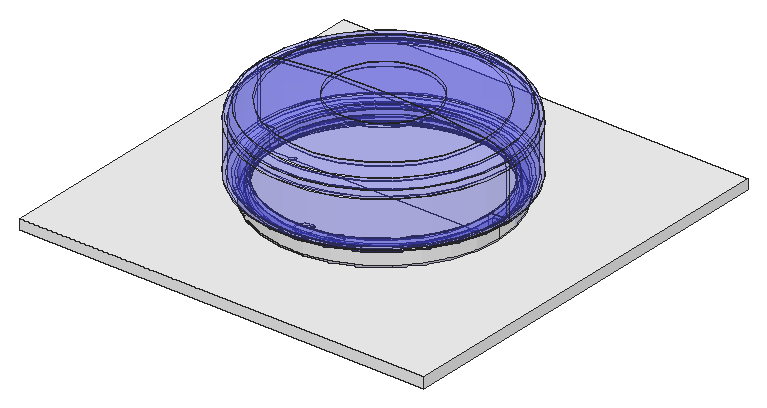
Revit family "BE_50029P_de_DE", category Leuchten, Revit 2020
Family settings
  Basisbauteil = Fläche
  Bemaßung runder Anschluss = Durchmesser verwenden
  Teiletyp = Normal
  Beim Laden mit Abzugskörper schneiden = Ja
  Lichtquelle = Ja
  Gemeinsam genutzt = Nein
  Raumberechnungspunkt = Ja
Parameters (values of type "BEGA_50029P_K3")
  built-in parameter 1150104 = 11.557 (stored number, unit not read)
  Wattage = 8.4 W
  Default Elevation = 0 mm
  built-in parameter 1150113 = 1 (stored number, unit not read)
  built-in parameter 1114218 = 1 (stored number, unit not read)
  Umgebungstemperatur = "25 °C"
  URL = "https://www.bega.com/de/produkt/50029P"
  Typenkommentare = "© 2022 BEGA. Wir behalten uns das Recht vor, technische Änderungen ohne vorherige Ankündigung vorzunehmen."  # constant formula
  built-in parameter 1150134 = (empty or 0)
  built-in parameter 1150109 = 1 (stored number, unit not read)
  Strom = ""
  built-in parameter 1150110 = 1 (stored number, unit not read)
  Spannung = 239.996 V
  Sonderanfertigung = no
  Seriennummer [instance] = "Hier können Sie die eindeutige Seriennummer für das Facility Management eintragen."
  Schutzklasse = "I"
  Schutzart = "IP 20"
  Scheinlast = 0 VA
  Produktdatenblatt = "http://www.bega.de/download/Xrfa/db/50029P.db.de.pdf"
  Oberflächentemperatur = ""
  Neigungswinkel = 0.00°
  Model = "50029PK2"
  Material_17 = BEGA_Reflektor
  Material_15 = BEGA_Leuchtmedium_matt
  Material_14 = BEGA_Kunststoff_opal
  Material_11 = BEGA_Glas_opal
  Material_09 = BEGA_Glas_klar
  Material_06 = BEGA_Oberfläche_Edelstahl_gebürstet
  Material_03 = BEGA_Oberfläche_Weiss_matt
  Material_02 = BEGA_Oberfläche_Silber_matt
  Material_01 [instance] = BEGA_Oberfläche_Grafit_matt
  M_W = no
  M_G = no
  M_A = no
  Logo = 0
  built-in parameter 1114217 = 1 (stored number, unit not read)
  built-in parameter 1150139 = (empty or 0)
  built-in parameter 1150105 = 246.97 (stored number, unit not read)
  built-in parameter 1150114 = 1 (stored number, unit not read)
  Lumens = 1044.96 lm
  built-in parameter 1150115 = 1 (stored number, unit not read)
  Leuchtenlichtstrom = "853 lm"
  Leuchtenanzahl = ""
  Lebensdauerkriterien = "L70B50 @ 25 °C = 338000 h"
  Lastklassifizierung = Beleuchtung
  built-in parameter 1150112 = 1 (stored number, unit not read)
  Lampenlichtstrom = "1045 lm"
  Lamp = "LED 8.4 W"
  LED_Modulbezeichnung = "LED-0508/927"
  Hersteller = "BEGA"  # constant formula
  Halbstreuwinkel = ""
  Gewicht = "1.08 kg"
  Gebrauchslageneinschränkung [instance] = ""
  Frequenz = "50-60 Hz"
  Farbwiedergabeindex = "CRI > 90"
  Farbtemperaturverschiebung bei Dämpfen der Lampe = <Keine Auswahl>
  Farbtemperatur = "2700 K"
  Color Filter = 16777215
  built-in parameter 1150133 = 10 (stored number, unit not read)
  Energieeffizienzklasse = "LED A++ - A"
  built-in parameter 1150137 = (empty or 0)
  built-in parameter 1150132 = (empty or 0)
  ENEC = "ja"
  Dimmbar [instance] = ""
  Photometric Web File = "BE_50029PK2.IES"
  CE_Konformität = "ja"
  Bestellnummer = "50029PK2"
  Beschreibung_Sonderanfertigung = "Hier können Sie Informationen zur Sonderanfertigung eintragen."
  Beschreibung = "Decken- und Wandleuchte"
  built-in parameter 1150106 = 2.4697 (stored number, unit not read)
  Befestigungsbohrung = "Ø 5,5 mm"
  Befestigungsabstand = "180 mm"
  Ballwurfsicher = ""
  BEGA_Intern_aus = yes
  BEGA_Intern_an = yes
  BEGA_Intern_Konstruktion = yes
  BEGA_Intern = yes
  BEGA_IES = yes
  BEGA_Dummy = no
  Anschlussleitung = ""
  Anschlussleistung [instance] = "10.5 W"
  Anschlusskasten = ""
  built-in parameter 1150107 = 2700 (stored number, unit not read)
  built-in parameter 1150102 = (empty or 0)
  built-in parameter 1150138 = (empty or 0)
  Aktualisierung = "2020-05-11T04:00:10"
  Abstand_zur_angestrahlten_Fläche [instance] = ""
  AC/DC = "AC"
Types (3, lengths in mm): name | built-in parameter 1150104 | built-in parameter 1150134 | Model | built-in parameter 1150105 | Lumens | Leuchtenlichtstrom | Lampenlichtstrom | LED_Modulbezeichnung | Farbtemperatur | Photometric Web File | Bestellnummer | built-in parameter 1150106 | built-in parameter 1150107
  BEGA_50029P_K3 | 11.762 (stored number, unit not read) | (empty or 0) | "50029PK3" | 251.43 (stored number, unit not read) | 1063.44 lm | "985 lm" | "1205 lm" | "LED-0508/930" | "3000 K" | "BE_50029PK3.IES" | "50029PK3" | 2.5143 (stored number, unit not read) | 3000 (stored number, unit not read)
  BEGA_50029P_K4 | 12.105 (stored number, unit not read) | 12 | "50029PK4" | 87.099 (stored number, unit not read) | 1094.52 lm | "1025 lm" | "1255 lm" | "LED-0508/940" | "4000 K" | "BE_50029PK4.IES" | "50029PK4" | 0.87099 (stored number, unit not read) | 4000 (stored number, unit not read)
  BEGA_50029P_K27 | 12.105 (stored number, unit not read) | 12 | "50029PK27" | 87.099 (stored number, unit not read) | 1094.52 lm | "951 lm" | "1165 lm" | "LED-0508/927" | "2700 K" | "BE_50029PK27.IES" | "50029PK27" | 0.87099 (stored number, unit not read) | 4000 (stored number, unit not read)
Reference planes
  plane 1 "Mitte (Vorne/Hinten)": y = 0
  plane 2: z = 0
  plane 3 "Mitte (Links/Rechts)": x = 0
  plane 4 "Links": x = -125
  plane 5 "Rechts": x = 125
  plane 6 "Unten": y = -125
  plane 7 "Oben": y = 125
  plane 8 "Vorne": z = 94.4
  plane 9 "Hinten": z = 0
Forms (mm)
  Extrusion 1, solid, material "BEGA_Platte_Weiss"
    sketch origin (0, -1119.2, 0) x (1, 0, 0) y (0, 1, 0)
      loop
        line (-200, 1319.2) -> (-200, 919.2) -> (200, 919.2) -> (200, 1319.2) -> (-200, 1319.2)
    from 0 to -10
  Extrusion 2, solid, material "BEGA_Dummy_matt", visible <- "BEGA_Dummy"
    sketch origin (77.149, -76.023, 0) x (1, 0, 0) y (0, 1, 0)
      loop
        circle (-77.149, 76.023) r 125
    from 0 to 25.379
Dimensions and locks
  plane 1 "Mitte (Vorne/Hinten)" to Extrusion 1 = 200 mm
  aligned and locked: plane 2 to Extrusion 1
  aligned and locked: level to Extrusion 1
Nested families
  nested 1: "BE_50029P" at (0, 0, 0) x (0, -1, 0) z (0, 0, 1), type "BE_50029P"
Connectors
  electrical at (0, 0, 0), driven by "Lastklassifizierung", driven by "Spannung", driven by "Scheinlast"
    settings: index 1, voltage 239.996 V, apparent load 0 VA, apparent load phase1 0 VA, apparent load phase2 0 VA, apparent load phase3 0 VA, power factor 1, load classification "Beleuchtung", number of poles 1, system type 31, power factor state 1, is connector primary yes, connector utility no, sub classification motor no, connector description ""
Definition of nested family "BE_50029P"
  Parameters (values of type "BE_50029P")
    Default Elevation = 1 mm
    URL = "http://www.bega.de/de/produkt"
    Type Comments = "© 2015 BEGA. Wir behalten uns das Recht vor, technische Änderungen ohne vorherige Ankündigung vorzunehmen. "  # constant formula
    Type Image = (empty or 0)
    Neigungswinkel_um_Z2 = 0.00°
    Neigungswinkel_um_Z1 = 0.00°
    Neigungswinkel_um_Y2 = 0.00°
    Neigungswinkel_um_Y1 = 0.00°
    Neigungswinkel_um_X2 = 0.00°
    Neigungswinkel_um_X1 = 0.00°
    Material_17 = none
    Material_15 = none
    Material_14 = none
    Material_11 = none
    Material_09 = none
    Material_06 = none
    Material_05 = none
    Material_03 = none
    Material_02 = none
    Material_01 = none
    M_W = yes
    M_G = yes
    M_A = yes
    Länge_Platte = 400 mm  # constant formula
    Höhe_Platte = -10 mm  # constant formula
    Manufacturer = "BEGA"  # constant formula
    Drehwinkel_um_Z2 = 0.00°
    Drehwinkel_um_Z1 = 0.00°
    Breite_Platte = 400 mm  # constant formula
  Reference planes
    plane 1 "Mitte (Oben/Unten)": y = 0
    plane 2: z = 0
    plane 3 "Mitte (Links/Rechts)": x = 0
    plane 4: y = 125
    plane 5: y = -125
    plane 6: z = 94.4
    plane 7: x = -125
    plane 8: x = 125
  Forms (mm)
    Extrusion 1, solid, detail levels medium
      sketch origin (0, 0, 0) x (1, 0, 0) y (0, 1, 0)
        loop
          line (-200, 200) -> (-200, -200) -> (200, -200) -> (200, 200) -> (-200, 200)
      from 0 to -10 <- "Höhe_Platte"
    Revolve 2, solid, material <- "Material_03", detail levels medium+fine
      sketch origin (0, 0, 0) x (0, 1, 0) y (0, 0, 1)
        loop
          line (117.5, 19.8) -> (117.5, 20.8) -> (115.331, 20.8)
          arc (115.331, 20.8) -> (114.063, 20.284) -> (113.524, 19.025) r 1.8
          line (113.524, 19.025) -> (113.276, 4.767)
          arc (113.276, 4.767) -> (112.825, 3.728) -> (111.776, 3.3) r 1.5
          line (111.776, 3.3) -> (0, 3.3) -> (0, 2.3) -> (111.776, 2.3)
          arc (111.776, 2.3) -> (113.525, 3.014) -> (114.275, 4.748) r 2.5
          line (114.275, 4.748) -> (114.524, 19.01)
          arc (114.524, 19.01) -> (114.764, 19.571) -> (115.329, 19.8) r 0.8
          line (115.329, 19.8) -> (117.5, 19.8)
        axis (0, 2.3) -> (0, 20.8)
      angle from 0 to 360
    Revolve 3, solid, material <- "Material_03", detail levels medium+fine
      sketch origin (0, 0, 0) x (0, 1, 0) y (0, 0, 1)
        loop
          arc (99.13, 1.943) -> (99.474, 2.206) -> (99.896, 2.3) r 1
          line (99.896, 2.3) -> (100.896, 3.3) -> (92.75, 3.3) -> (92.75, 0) -> (96.108, 0)
          arc (96.108, 0) -> (97.369, 0.281) -> (98.395, 1.067) r 3
          line (98.395, 1.067) -> (99.13, 1.943)
        axis (90, 3.3) -> (90, 0)
      angle from 0 to 360
    Revolve 4, solid, material <- "Material_03", detail levels medium+fine
      sketch origin (0, 0, 0) x (0, -1, 0) y (0, 0, 1)
        loop
          arc (99.13, 1.943) -> (99.474, 2.206) -> (99.896, 2.3) r 1
          line (99.896, 2.3) -> (100.896, 3.3) -> (92.75, 3.3) -> (92.75, 0) -> (96.108, 0)
          arc (96.108, 0) -> (97.369, 0.281) -> (98.395, 1.067) r 3
          line (98.395, 1.067) -> (99.13, 1.943)
        axis (90, 3.3) -> (90, 0)
      angle from 0 to 360
    Extrusion 5, void
      sketch origin (0, 0, 0) x (1, 0, 0) y (0, 1, 0)
        loop
          circle (80, 15) r 8.5
        loop
          circle (80, -15) r 8.5
        loop
          circle (0, 90) r 2.75
        loop
          circle (0, -90) r 2.75
      from 1.096 to 7.205
    Revolve 6, solid, material <- "Material_14", detail levels medium+fine
      sketch origin (0, 0, 0) x (0, 1, 0) y (0, 0, 1)
        loop
          line (107.5, 12.214) -> (107.5, 20.4) -> (122.157, 21.168)
          arc (122.157, 21.168) -> (124.176, 22.099) -> (125, 24.164) r 3
          line (125, 24.164) -> (125, 69.391)
          arc (125, 69.391) -> (124.681, 72.948) -> (123.735, 76.391) r 20
          arc (123.735, 76.391) -> (121.144, 80.63) -> (117.158, 83.582) r 13
          arc (117.158, 83.582) -> (109.272, 86.676) -> (101.03, 88.629) r 60
          arc (101.03, 88.629) -> (75.117, 91.988) -> (49.04, 93.648) r 400
          arc (49.04, 93.648) -> (24.523, 94.212) -> (0, 94.4) r 1600.011
          line (0, 94.4) -> (0, 90.6)
          arc (0, 90.6) -> (24.398, 90.414) -> (48.79, 89.854) r 1596.211
          arc (48.79, 89.854) -> (74.692, 88.212) -> (100.431, 84.877) r 396.2
          arc (100.431, 84.877) -> (108.139, 83.049) -> (115.512, 80.156) r 56.2
          arc (115.512, 80.156) -> (118.33, 78.076) -> (120.166, 75.094) r 9.2
          arc (120.166, 75.094) -> (120.94, 72.293) -> (121.2, 69.4) r 16.2
          line (121.2, 69.4) -> (121.2, 24.923) -> (106.543, 24.155)
          arc (106.543, 24.155) -> (104.524, 23.224) -> (103.7, 21.159) r 3
          line (103.7, 21.159) -> (103.7, 16.4) -> (103.7, 11.174)
          arc (103.7, 11.174) -> (104.099, 9.678) -> (105.19, 8.579) r 3.003
          line (105.19, 8.579) -> (106.963, 7.556)
          arc (106.963, 7.556) -> (108.068, 6.43) -> (108.449, 4.9) r 3.003
          line (108.449, 4.9) -> (112.25, 4.9) -> (112.25, 8.894) -> (107.997, 11.349)
          arc (107.997, 11.349) -> (107.633, 11.715) -> (107.5, 12.214) r 1.001
        axis (0, 94.4) -> (0, 4.9)
      angle from 0 to 360
  Cuts and joins
    Extrusion 5 cuts Revolve 2
    Extrusion 5 cuts Revolve 3
    Extrusion 5 cuts Revolve 4
    joined: Revolve 2, Revolve 3, Revolve 4
  Dimensions and locks
    equal spacing: Extrusion 1 sketch curve, plane 3 "Mitte (Links/Rechts)", Extrusion 1 sketch curve
    equal spacing: Extrusion 1 sketch curve, plane 1 "Mitte (Oben/Unten)", Extrusion 1 sketch curve
    "Länge_Platte": Extrusion 1 sketch curve to Extrusion 1 sketch curve
    "Breite_Platte": Extrusion 1 sketch curve to Extrusion 1 sketch curve
    aligned and locked: plane 2 to Extrusion 1
    aligned and locked: level to Extrusion 1
  Automatic sketch dimensions
    Revolve 2 sketch curve to Revolve 2 sketch curve = 0 mm  (x11)
    Revolve 2 sketch curve to plane 1 "Mitte (Oben/Unten)" = 0 mm  (x2)
    Revolve 2 sketch curve to Revolve 2 sketch curve = 1.5 mm
    Revolve 2 sketch curve to Revolve 2 sketch curve = 1 mm  (x3)
    Revolve 2 sketch curve to Revolve 2 sketch curve = 0.8 mm
    Revolve 2 sketch curve to Revolve 2 sketch curve = 0.004 mm
    Revolve 2 sketch curve to Revolve 2 sketch curve = 0.002 mm
    Revolve 2 sketch curve to Revolve 2 sketch curve = 2.169 mm
    level to Revolve 2 sketch curve = 2.3 mm
    Revolve 2 sketch curve to Revolve 2 sketch curve = 1.448 mm
    Revolve 2 sketch curve to Revolve 2 sketch curve = 0.02 mm
    Revolve 2 sketch curve to Revolve 2 sketch curve = 0.033 mm
    Revolve 2 sketch curve to Revolve 2 sketch curve = 14.252 mm
    Revolve 2 sketch curve to Revolve 2 sketch curve = 0.01 mm
    Revolve 2 sketch curve to Revolve 2 sketch curve = 0.015 mm
    Revolve 2 sketch curve to Revolve 2 sketch curve = 4 mm
    Revolve 3 sketch curve to level = 0 mm
    level to Revolve 3 sketch curve = 3.3 mm
    Revolve 3 sketch curve to Revolve 3 sketch curve = 3.351 mm
    Revolve 3 sketch curve to Revolve 3 sketch curve = 0.007 mm
    level to Revolve 3 sketch curve = 1.067 mm
    Revolve 3 sketch curve to Revolve 3 sketch curve = 2.287 mm
    level to Revolve 3 sketch curve = 2.3 mm
    Revolve 3 sketch curve to Revolve 3 sketch curve = 1.501 mm
    Revolve 3 sketch curve to Revolve 3 sketch curve = 0 mm  (x2)
    Revolve 3 sketch curve to Revolve 3 sketch curve = 1 mm  (x2)
    Revolve 3 sketch curve to Revolve 3 sketch curve = 2.75 mm
    level to Revolve 3 sketch curve = 1.943 mm
    Revolve 3 sketch curve to Revolve 3 sketch curve = 0.766 mm
    Revolve 3 sketch curve to level = 2.001 mm
    Revolve 3 sketch curve to Revolve 3 sketch curve = 2 mm
    Revolve 4 sketch curve to level = 0 mm
    Revolve 4 sketch curve to level = 3.3 mm
    Revolve 4 sketch curve to Revolve 4 sketch curve = 3.351 mm
    Revolve 4 sketch curve to Revolve 4 sketch curve = 0.007 mm
    Revolve 4 sketch curve to level = 1.067 mm
    Revolve 4 sketch curve to Revolve 4 sketch curve = 2.287 mm
    Revolve 4 sketch curve to level = 2.3 mm
    Revolve 4 sketch curve to Revolve 4 sketch curve = 1.501 mm
    Revolve 4 sketch curve to Revolve 4 sketch curve = 0 mm  (x2)
    Revolve 4 sketch curve to Revolve 4 sketch curve = 1 mm  (x2)
    Revolve 4 sketch curve to Revolve 4 sketch curve = 2.75 mm
    Revolve 4 sketch curve to level = 1.943 mm
    Revolve 4 sketch curve to Revolve 4 sketch curve = 0.766 mm
    level to Revolve 4 sketch curve = 2.001 mm
    Revolve 4 sketch curve to Revolve 4 sketch curve = 2 mm
    Revolve 6 sketch curve to Revolve 6 sketch curve = 1.49 mm
    Revolve 6 sketch curve to Revolve 6 sketch curve = 0.257 mm
    Revolve 6 sketch curve to Revolve 6 sketch curve = 1.513 mm
    level to Revolve 6 sketch curve = 7.556 mm
    Revolve 6 sketch curve to Revolve 6 sketch curve = 1.773 mm
    Revolve 6 sketch curve to Revolve 6 sketch curve = 3.8 mm  (x2)
    Revolve 6 sketch curve to Revolve 6 sketch curve = 0.497 mm
    Revolve 6 sketch curve to Revolve 6 sketch curve = 3.002 mm
    Revolve 6 sketch curve to Revolve 6 sketch curve = 0.504 mm
    Revolve 6 sketch curve to Revolve 6 sketch curve = 3.801 mm
    Revolve 6 sketch curve to Revolve 6 sketch curve = 2.592 mm
    Revolve 6 sketch curve to Revolve 6 sketch curve = 1.024 mm
    Revolve 6 sketch curve to Revolve 6 sketch curve = 3.994 mm
    Revolve 6 sketch curve to Revolve 6 sketch curve = 2.594 mm
    Revolve 6 sketch curve to Revolve 6 sketch curve = 0.176 mm
    Revolve 6 sketch curve to Revolve 6 sketch curve = 0.865 mm
    Revolve 6 sketch curve to Revolve 6 sketch curve = 4.186 mm
    Revolve 6 sketch curve to Revolve 6 sketch curve = 0 mm  (x24)
    Revolve 6 sketch curve to Revolve 6 sketch curve = 4.759 mm
    level to Revolve 6 sketch curve = 40.4 mm
    Revolve 2 sketch curve to plane 1 "Mitte (Oben/Unten)" = 111.776 mm
    Revolve 2 sketch curve to Revolve 2 sketch curve = 0.249 mm
    Revolve 3 sketch curve to plane 1 "Mitte (Oben/Unten)" = 92.75 mm
    Revolve 4 sketch curve to plane 1 "Mitte (Oben/Unten)" = 92.75 mm
    Extrusion 5 sketch curve to plane 3 "Mitte (Links/Rechts)" = 0 mm  (x2)
    plane 1 "Mitte (Oben/Unten)" to Extrusion 5 sketch curve = 15 mm
    Extrusion 5 sketch curve to plane 1 "Mitte (Oben/Unten)" = 15 mm
    Extrusion 5 sketch curve to Extrusion 5 sketch curve = 0 mm
    Revolve 6 sketch curve to Revolve 6 sketch curve = 0.157 mm  (x2)
    Revolve 6 sketch curve to Revolve 6 sketch curve = 16.2 mm
    Revolve 6 sketch curve to Revolve 6 sketch curve = 6.557 mm
    Revolve 6 sketch curve to Revolve 6 sketch curve = 0.009 mm  (x3)
    Revolve 6 sketch curve to Revolve 6 sketch curve = 2.45 mm
    Revolve 6 sketch curve to Revolve 6 sketch curve = 3.955 mm
    Revolve 6 sketch curve to Revolve 6 sketch curve = 1.645 mm
    Revolve 6 sketch curve to Revolve 6 sketch curve = 1.034 mm
    Revolve 6 sketch curve to Revolve 6 sketch curve = 45.227 mm
    Revolve 6 sketch curve to Revolve 6 sketch curve = 12.348 mm
    Revolve 6 sketch curve to Revolve 6 sketch curve = 8.256 mm
    Revolve 6 sketch curve to Revolve 6 sketch curve = 15.081 mm
    Revolve 6 sketch curve to plane 1 "Mitte (Oben/Unten)" = 36.68 mm
    Revolve 6 sketch curve to level = 306.161 mm
    plane 1 "Mitte (Oben/Unten)" to Revolve 6 sketch curve = 0 mm  (x2)
    Revolve 6 sketch curve to Revolve 6 sketch curve = 1199.45 mm
    Revolve 6 sketch curve to plane 1 "Mitte (Oben/Unten)" = 0 mm  (x2)
    Revolve 6 sketch curve to Revolve 6 sketch curve = 33.648 mm
    Revolve 6 sketch curve to Revolve 6 sketch curve = 20 mm
    Revolve 6 sketch curve to Revolve 6 sketch curve = 0.8 mm  (x2)
    Revolve 6 sketch curve to Revolve 6 sketch curve = 0.759 mm  (x2)
    Extrusion 5 sketch curve to plane 1 "Mitte (Oben/Unten)" = 90 mm
    Revolve 6 sketch curve to plane 1 "Mitte (Oben/Unten)" = 91.352 mm
    Revolve 6 sketch curve to Revolve 6 sketch curve = 13.648 mm
    Revolve 6 sketch curve to Revolve 6 sketch curve = 0.25 mm
    plane 1 "Mitte (Oben/Unten)" to Extrusion 5 sketch curve = 90 mm
    Revolve 6 sketch curve to Revolve 6 sketch curve = 3.764 mm
    Revolve 6 sketch curve to Revolve 6 sketch curve = 50.2 mm
    Revolve 6 sketch curve to plane 1 "Mitte (Oben/Unten)" = 48.79 mm
    Revolve 6 sketch curve to Revolve 6 sketch curve = 0.599 mm
    Revolve 6 sketch curve to Revolve 6 sketch curve = 0.2 mm
    plane 3 "Mitte (Links/Rechts)" to Extrusion 5 sketch curve = 80 mm
    radius of Extrusion 5 sketch curve = 8.5 mm  (x2)
    radius of Extrusion 5 sketch curve = 2.75 mm  (x2)
